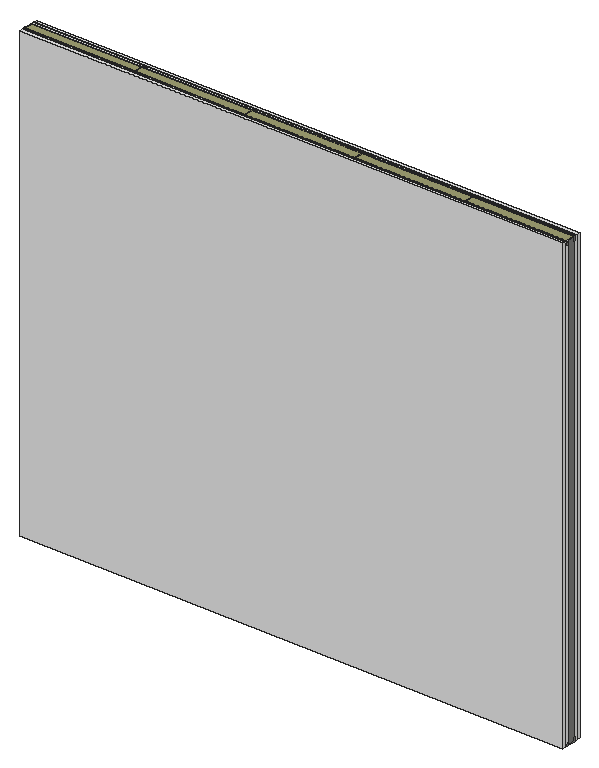
Revit family "Wall system Plasterboard - Rigislab (STC 45_Uvalue 0.55)", category Structural Stiffeners, Revit 2020
Family settings
  OmniClass Number = 23.25.30.11.27
  OmniClass Title = Vibration and Earthquake Controls
  Cut with Voids When Loaded = No
  Shared = No
Parameters (values of type "STC 45(Plasterboard)")
  U-Value (W/m2k) = "0.55"
  U Value Report = ""
  Type of Insulation = "Glass Mineral Wool Semi-rigid slab"
  Total System Thickness-mm = 102 mm
  Thermal R Value = 1.4
  Thermal K Value = 0.348
  System Description = "1. Gypsum Plasterboard-19mm\r\n2. Ecowool Rigislab 50mm x 20kg/m3\r\n3. Stud 64mm \r\n4. Gypsum Plasterboard-19mm"
  Sustainability - Same documentation for all selection = ""
  SubW [instance] = roundup([built-in parameter 1001306] / 609 mm) * 609 mm  # 3045 mm
  SubL [instance] = if([built-in parameter 1001306] > 1218 mm, No Insulation * 609 mm, if([built-in parameter 1001306] > 609 mm, 609 mm, if([built-in parameter 1001306] > 0 mm, 0 mm, No Insulation * 609 mm))) + 1 mm  # 2437 mm
  STC in dB = 45
  STC Report = ""
  STC No = "45"
  Remarks = "Recommended for drywall partition applications where some acoustic performance\r\nare required. Such as office & commercial environment"
  No Metal Stud [instance] = ([built-in parameter 1001306] / [Metal Stud Spacer (mm)])  # 5
  No Insulation [instance] = roundup(SubW / 609 mm) - 1  # 4
  Metal Stud Width = 64 mm
  Metal Stud Spacer (mm) = 609 mm
  Material Specification = "Ecowool Brownie RigiSlab"
  Manufacturer = "PGF Insulation Sdn. Bhd."
  MSDS = ""
  built-in parameter 1001306 [instance] = 3000 mm
  Insulation Length (mm) = 609 mm
  Insulation Thickness (mm) = 50 mm
  Installation and Workmanship- Same for all the system = ""
  Height Wall (mm) = 2500 mm
  Handling and Storage- Same for all system = ""
  Gypsum Thickness (mm) = 19 mm
  Finish = BROWNIE RigiSlab
  FAQ- Same for all System = ""
  ECOWOOL Product thickness in mm = "50"
  Description = "Ecowool Rigislab is semi-rigid or rigid slabs of non-combustible, water repellent, glass mineral wool. They are designed to suit standard dry wall, ensuring a closed joint with adjacent slabs."
  Density = 20.00 kg/m³
  Board Material = Plaster Board
  Board 2 = yes
  Board 1 = yes
  AutoCad Drawing = ""
Reference planes
  plane 1 "Center (Front/Back)": y = -12.5
  plane 2: z = 0
  plane 3 "Left": x = 0
  plane 4 "Right": x = 3000
  plane 5: z = 2500
  plane 6: x = 2437
  plane 7: x = 3046
Forms (mm)
  Extrusion 1, solid, material "BROWNIE RigiSlab" <- "Finish"
    sketch origin (0, 0, 0) x (1, 0, 0) y (0, 1, 0)
      loop
        line (2437, 12.5) -> (2437, -37.5) -> (3046, -37.5) -> (3046, 12.5) -> (2437, 12.5)
    from 0 to 2500
  Extrusion 2, void
    sketch origin (0, 0, 0) x (1, 0, 0) y (0, 1, 0)
      loop
        line (2999, 12.5) -> (2999, -37.5) -> (3046, -37.5) -> (3046, 12.5) -> (2999, 12.5)
    from -45.694 to 2779.923
Cuts and joins
  Extrusion 2 cuts Extrusion 1
Lines and regions (mm)
  reference lines
    curve 1: line (0, -12.5, 0) -> (3000, -12.5, 0)
Dimensions and locks
  "built-in parameter 1001306": plane 3 "Left" to plane 4 "Right"
  "Height Wall (mm)": plane 5 to level
  equal spacing: group 1, group 2, group 3, group 4, group 5  (x3)
  "Metal Stud Spacer (mm)": plane 3 "Left" to nested 3
  "SubL": plane 3 "Left" to plane 6
  locked: plane 6 to plane 7 at 609
  equal spacing: Extrusion 1 sketch curve, plane 1 "Center (Front/Back)", Extrusion 1 sketch curve
  "Insulation Thickness (mm)": Extrusion 1 sketch curve to Extrusion 1 sketch curve
  equal spacing: Extrusion 1, plane 1 "Center (Front/Back)", Extrusion 2 sketch curve
  "Insulation Thickness (mm)": Extrusion 2 sketch curve to Extrusion 2 sketch curve
  locked: Extrusion 2 sketch curve to plane 4 "Right" at 1
  plane 4 "Right" to plane 7 = 46 mm
  plane 6 to plane 4 "Right" = 563 mm
  equal spacing: group 6, group 7, group 8, group 9  (x3)
  equal spacing: Extrusion 2 sketch curve, Extrusion 2 sketch curve, nested 1
  aligned and locked: plane 4 "Right" to curve 1
  aligned and locked: plane 1 "Center (Front/Back)" to curve 1
  aligned and locked: plane 3 "Left" to curve 1
  aligned and locked: plane 3 "Left" to nested 1
  aligned and locked: plane 4 "Right" to nested 1
  aligned and locked: plane 5 to nested 2
  aligned and locked: plane 3 "Left" to nested 6
  aligned and locked: nested 8 to plane 4 "Right"
  aligned and locked: plane 1 "Center (Front/Back)" to nested 1
  aligned and locked: plane 1 "Center (Front/Back)" to nested 2
  aligned and locked: plane 1 "Center (Front/Back)" to nested 6
  aligned and locked: nested 8 to plane 1 "Center (Front/Back)"
  aligned and locked: nested 2 to nested 10
  aligned and locked: plane 1 "Center (Front/Back)" to nested 10
  aligned and locked: plane 7 to Extrusion 1 sketch curve
  aligned and locked: Extrusion 1 sketch curve to plane 6
  aligned and locked: plane 5 to Extrusion 1
  aligned and locked: Extrusion 1 to level
Automatic sketch dimensions
  Extrusion 2 sketch curve to plane 7 = 0 mm
Nested families
  nested 1: "Gypsum Plasterboard" at (0, -12.5, 0), type "Gypsum Plasterboard"
    with built-in parameter 1001306 3000 mm, Insulation Width 50 mm, Gypsum Thickness 19 mm
  nested 2: "Metal Stud" at (0, -12.5, 0), type "Metal Stud"
    with Metal Stud Width 64 mm
  nested 3: "Metal Stud" at (609, -12.5, 0), type "Metal Stud"
    with Metal Stud Width 64 mm
  nested 4: "Metal Stud" at (1218, -12.5, 0), type "Metal Stud"
    with Metal Stud Width 64 mm
  nested 5: "Metal Stud" at (1827, -12.5, 0), type "Metal Stud"
    with Metal Stud Width 64 mm
  nested 6: "Metal Runner" at (0, -12.5, 0), type "Metal Runner"
    with Metal Runner Width 50 mm, Length Metal Runner 3000 mm
  nested 7: "Metal Runner" at (0, -12.5, 2500) x (1, 0, 0) z (0, 0, -1), type "Metal Runner"
    with Metal Runner Width 50 mm, Length Metal Runner 3000 mm
  nested 8: "Metal Stud" at (3000, -12.5, 0) x (-1, 0, 0) z (0, 0, 1), type "Metal Stud"
    with Metal Stud Width 64 mm
  nested 9: "Metal Stud" at (2436, -12.5, 0), type "Metal Stud"
    with Metal Stud Width 64 mm
  nested 10: "Insulation Brownie" at (1, -12.5, 0), type "Insulation Brownie"
    with Thickness Insulation 50 mm
  nested 11: "Insulation Brownie" at (610, -12.5, 0), type "Insulation Brownie"
    with Thickness Insulation 50 mm
  nested 12: "Insulation Brownie" at (1219, -12.5, 0), type "Insulation Brownie"
    with Thickness Insulation 50 mm
  nested 13: "Insulation Brownie" at (1828, -12.5, 0), type "Insulation Brownie"
    with Thickness Insulation 50 mm
Definition of nested family "Gypsum Plasterboard"
  Parameters (values of type "Gypsum Plasterboard")
    Platerboard (inner Layer) = 16 mm
    Manufacturer = "Rockwool"
    built-in parameter 1001306 [instance] = 1200 mm
    Insulation Width = 55 mm
    Height Wall = 2500 mm
    Gypsum Thickness = 12.5 mm
    Description = "Double layers wall system - Rigislab 5020"
    Cement Board 2 = yes
    Cement Board 1 = yes
    Board Type = none
  Reference planes
    plane 1 "Center (Front/Back)": y = 0
    plane 2: z = 0
    plane 3 "Left": x = 0
    plane 4 "Right": x = 1200
    plane 5: y = 27.5
    plane 6: y = -27.5
    plane 7: z = 2500
  Forms (mm)
    Sweep 1, solid, material <- "Board Type", visible <- "Cement Board 1"
      path origin (0, 0, 0) x (1, 0, 0) y (0, -1, 0)
        loop
          line (0, 0) -> (1200, 0)
      profile origin (600, 0, 0) x (0, 1, 0) y (0, 0, 1)
        loop
          line (27.5, 2500) -> (27.5, 0) -> (43.5, 0) -> (43.5, 2500) -> (27.5, 2500)
    Sweep 2, solid, material <- "Board Type", visible <- "Cement Board 2"
      path origin (0, 16, 0) x (1, 0, 0) y (0, -1, 0)
        loop
          line (0, 0) -> (1200, 0)
      profile origin (600, 16, 0) x (0, 1, 0) y (0, 0, 1)
        loop
          line (27.5, 2500) -> (27.5, 0) -> (40, 0) -> (40, 2500) -> (27.5, 2500)
    Sweep 3, solid, material <- "Board Type", visible <- "Cement Board 1"
      path origin (0, 0, 0) x (1, 0, 0) y (0, 1, 0)
        loop
          line (0, 0) -> (1200, 0)
      profile origin (600, 0, 0) x (0, 1, 0) y (0, 0, 1)
        loop
          line (-27.5, 2500) -> (-43.5, 2500) -> (-43.5, 0) -> (-27.5, 0) -> (-27.5, 2500)
    Sweep 4, solid, material <- "Board Type", visible <- "Cement Board 2"
      path origin (0, -16, 0) x (1, 0, 0) y (0, 1, 0)
        loop
          line (0, 0) -> (1200, 0)
      profile origin (600, -16, 0) x (0, 1, 0) y (0, 0, 1)
        loop
          line (-27.5, 2500) -> (-40, 2500) -> (-40, 0) -> (-27.5, 0) -> (-27.5, 2500)
  Lines and regions (mm)
    reference lines
      curve 1: line (0, 0, 0) -> (1200, 0, 0)
  Dimensions and locks
    "built-in parameter 1001306": plane 3 "Left" to plane 4 "Right"
    "Insulation Width": plane 6 to plane 5
    "Height Wall": level to plane 7
    "built-in parameter 1001306": Sweep 1 sketch curve to Sweep 1 sketch curve
    "Platerboard (inner Layer)": Sweep 1 sketch curve to Sweep 1 sketch curve
    "built-in parameter 1001306": Sweep 2 sketch curve to Sweep 2 sketch curve
    "Gypsum Thickness": Sweep 2 sketch curve to Sweep 2 sketch curve
    equal spacing: plane 6, plane 1 "Center (Front/Back)", plane 5
    "built-in parameter 1001306": Sweep 3 sketch curve to Sweep 3 sketch curve
    "Platerboard (inner Layer)": Sweep 3 sketch curve to Sweep 3 sketch curve
    "built-in parameter 1001306": Sweep 4 sketch curve to Sweep 4 sketch curve
    "Gypsum Thickness": Sweep 4 sketch curve to Sweep 4 sketch curve
    aligned and locked: plane 4 "Right" to curve 1
    aligned and locked: plane 1 "Center (Front/Back)" to curve 1
    aligned and locked: plane 3 "Left" to curve 1
    aligned and locked: plane 5 to Sweep 1
    aligned and locked: Sweep 2 to Sweep 2
    aligned and locked: Sweep 1 sketch curve to plane 7
    aligned and locked: Sweep 2 sketch curve to plane 7
    aligned and locked: Sweep 2 to Sweep 1
    aligned and locked: Sweep 4 to Sweep 4
    aligned and locked: Sweep 3 to Sweep 4
  Automatic sketch dimensions
    plane 1 "Center (Front/Back)" to Sweep 1 sketch curve = 0 mm
    Sweep 1 sketch curve to plane 3 "Left" = 0 mm
    Sweep 1 sketch curve to level = 0 mm
    Sweep 1 sketch curve to profile plane = 27.5 mm
    Sweep 2 sketch curve to plane 3 "Left" = 0 mm
    Sweep 2 sketch curve to plane 5 = 11.5 mm
    Sweep 2 sketch curve to level = 0 mm
    Sweep 2 sketch curve to profile plane = 27.5 mm
    plane 1 "Center (Front/Back)" to Sweep 3 sketch curve = 0 mm
    Sweep 3 sketch curve to plane 3 "Left" = 0 mm
    Sweep 3 sketch curve to level = 0 mm
    profile plane to Sweep 3 sketch curve = 43.5 mm
    Sweep 3 sketch curve to Sweep 3 sketch curve = 2500 mm
    Sweep 4 sketch curve to plane 3 "Left" = 0 mm
    Sweep 4 sketch curve to plane 6 = 11.5 mm
    Sweep 4 sketch curve to level = 0 mm
    profile plane to Sweep 4 sketch curve = 40 mm
    level to Sweep 4 sketch curve = 2500 mm
Definition of nested family "Metal Stud"
  Parameters (values of type "Metal Stud")
    Metal Stud Width = 50 mm
    Height = 2500 mm
  Reference planes
    plane 1 "Center (Front/Back)": y = 0
    plane 2: z = 0
    plane 3 "Center (Left/Right)": x = 0
    plane 4 "Center L/S": y = 25
    plane 5 "Center L/T": y = -25
    plane 6: z = 1
    plane 7: z = 2500
    plane 8: z = 2499
  Forms (mm)
    Extrusion 1, solid
      sketch origin (0, 0, 0) x (1, 0, 0) y (0, 1, 0)
        loop
          line (0, 25) -> (0, -25) -> (20, -25) -> (20, -24) -> (1, -24) -> (1, 24) -> (20, 24) -> (20, 25) -> (0, 25)
      from 1 to 2499
  Dimensions and locks
    Extrusion 1 sketch curve to Extrusion 1 sketch curve = 1 mm  (x3)
    locked: plane 8 to plane 7 at 1
    plane 1 "Center (Front/Back)" to Extrusion 1 = 25 mm
    "Height": plane 7 to level
    "Metal Stud Width": plane 5 "Center L/T" to plane 4 "Center L/S"
    equal spacing: plane 5 "Center L/T", plane 1 "Center (Front/Back)", plane 4 "Center L/S"
    locked: plane 6 to plane 2 at 1
    aligned and locked: plane 4 "Center L/S" to Extrusion 1
    aligned and locked: plane 5 "Center L/T" to Extrusion 1
    aligned and locked: plane 3 "Center (Left/Right)" to Extrusion 1
    aligned and locked: Extrusion 1 to plane 6
    aligned and locked: plane 8 to Extrusion 1
  Automatic sketch dimensions
    Extrusion 1 sketch curve to plane 3 "Center (Left/Right)" = 0 mm
    plane 4 "Center L/S" to Extrusion 1 sketch curve = 0 mm
    plane 5 "Center L/T" to Extrusion 1 sketch curve = 0 mm
    Extrusion 1 sketch curve to Extrusion 1 sketch curve = 19 mm  (x2)
Definition of nested family "Metal Runner"
  Parameters (values of type "Metal Runner")
    Metal Runner Width = 48 mm
    Length Metal Runner = 2460 mm
    Default Elevation = 1219.2 mm
  Reference planes
    plane 1 "Center (Front/Back)": y = 0
    plane 2: z = 0
    plane 3 "Center (Left/Right)": x = 0
    plane 4 "Center L/S": y = 24
    plane 5 "Center L/T": y = -24
  Forms (mm)
    Extrusion 1, solid
      sketch origin (0, 0, 0) x (0, 1, 0) y (0, 0, 1)
        loop
          line (24, 0) -> (24, 20) -> (23, 20) -> (23, 1) -> (-23, 1) -> (-23, 20) -> (-24, 20) -> (-24, 0) -> (24, 0)
      from 0 to 2460
  Dimensions and locks
    "Metal Runner Width": plane 5 "Center L/T" to plane 4 "Center L/S"
    equal spacing: plane 5 "Center L/T", plane 1 "Center (Front/Back)", plane 4 "Center L/S"
    Extrusion 1 sketch curve to Extrusion 1 sketch curve = 1 mm  (x3)
    "Length Metal Runner": Extrusion 1 to Extrusion 1
    aligned and locked: plane 4 "Center L/S" to Extrusion 1 sketch curve
    aligned and locked: Extrusion 1 sketch curve to level
    aligned and locked: plane 5 "Center L/T" to Extrusion 1 sketch curve
  Automatic sketch dimensions
    Extrusion 1 sketch curve to Extrusion 1 sketch curve = 19 mm  (x2)
Definition of nested family "Insulation Brownie"
  Parameters (values of type "Insulation Brownie")
    Thickness Insulation = 75 mm
    Length of Insulation = 609 mm
    Height of Insulation = 2500 mm
    Finish = none
  Reference planes
    plane 1 "Center (Front/Back)": y = 0
    plane 2: z = 0
    plane 3 "Center (Left/Right)": x = 0
    plane 4: z = 2500
    plane 5: y = 37.5
    plane 6: y = -37.5
  Forms (mm)
    Sweep 1, solid, material <- "Finish"
      path origin (0, 0, 0) x (1, 0, 0) y (0, 1, 0)
        loop
          line (0, 0) -> (609, 0)
      profile origin (304.5, 0, 0) x (0, 1, 0) y (0, 0, 1)
        loop
          line (37.5, 2500) -> (-37.5, 2500) -> (-37.5, 0) -> (37.5, 0) -> (37.5, 2500)
  Dimensions and locks
    "Length of Insulation": Sweep 1 sketch curve to Sweep 1 sketch curve
    "Height of Insulation": plane 4 to level
    equal spacing: plane 5, plane 1 "Center (Front/Back)", plane 6
    "Thickness Insulation": plane 5 to plane 6
    aligned and locked: plane 3 "Center (Left/Right)" to Sweep 1 sketch curve
    aligned and locked: plane 5 to Sweep 1 sketch curve
    aligned and locked: Sweep 1 sketch curve to plane 6
  Automatic sketch dimensions
    plane 1 "Center (Front/Back)" to Sweep 1 sketch curve = 0 mm
    Sweep 1 sketch curve to level = 0 mm
    Sweep 1 sketch curve to plane 4 = 0 mm
